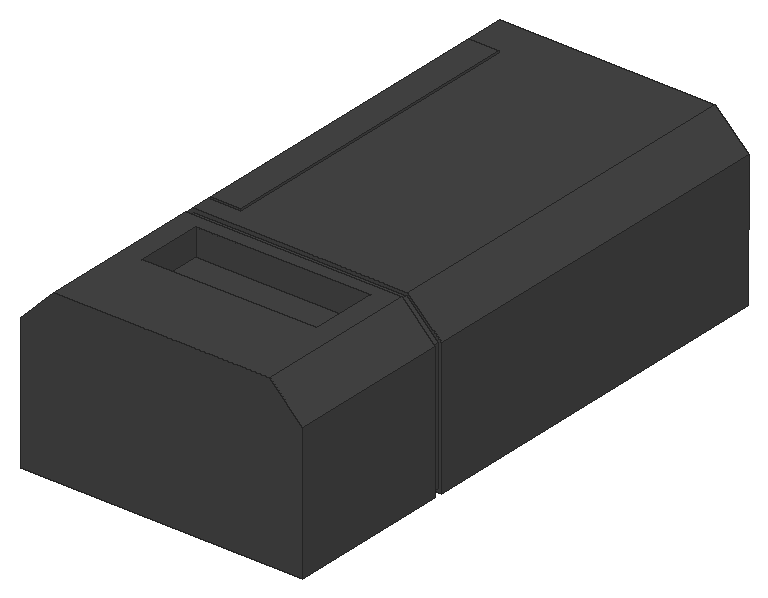
Revit family "SP4182_EUR_SDU3_Revit", category Mechanical Equipment, Revit 2014
Parameters (values of type "Standard")
  d82 = 0' - 0"
  d74 = 0' - 0"
  d70 = 0' - 0"
  d68 = 0' - 0"
  d65 = 0' - 0"
  d60 = 0' - 0"
  URL = "www.neptronic.com"
  Part Number = "SP4182_SDU3_Revit"
  Model = "SKE30 & SDU3, SKE40 & SDU3"
  Manufacturer = "Neptronic"
  Extrusion_End_2 = -d74  # 0' - 0"
  Extrusion_End_1 = -d60  # 0' - 0"
  Designer = "Antoine"
  Design Status = 1
  Description = "Electric Resistive Humidifier with Steam Distribution Unit"
  Date Created = "2014-08-06 15:51:08"
  Connector_8_Width = 0' - 0"
  Connector_8_Height = 0' - 0"
  Connector_5_Diameter = 0' - 0"
  Connector_4_Diameter = 0' - 0"
  Connector_3_Diameter = 0' - 0"
  Author = "Antoine"
Reference planes (in)
  plane 1 "Center (Front/Back)": y = 0
  plane 2: z = 0
  plane 3 "Center (Left/Right)": x = 0
  plane 4: y = -25.561
Forms (in)
  Sweep 1, solid
    path in 3D
      loop
        line (-10.5003, 2.939, 3.75715) -> (-10.5003, -25.561, 3.75715)
    profile origin (-10.5003, -25.561, 3.75715) x (0, 0, -1) y (1, 0, 0)
      loop
        line (0, 0) -> (10.00715, 0) -> (10.00715, 21.0003) -> (-0.04232, 21.0003) -> (-2.51382, 18.5288) -> (-2.51382, 2.51382) -> (0, 0)
  Extrusion 2, void
    sketch origin (-10.5003, 2.939, 3.75715) x (0, 0, 1) y (1, 0, 0)
      loop
        circle (-8.25715, 9.0003) r 0.25
      loop
        circle (-8.25715, 7.2503) r 0.375
      loop
        circle (-4.75715, 2.5003) r 0.4375
      loop
        circle (-1.75715, 2.5003) r 0.4375
    from 0 to -0.25
  Extrusion 3, solid
    sketch origin (-10.5003, 2.939, 3.75715) x (0, 0, 1) y (1, 0, 0)
      loop
        circle (-0.25715, 16.8753) r 0.375
    from 0 to 0.25
  Extrusion 4, solid
    sketch origin (-10.5003, -25.561, 3.75715) x (1, 0, 0) y (0, 0, 1)
      loop
        line (2.61738, 2.26382) -> (0.25, -0.10355) -> (0.25, -9.75715) -> (20.7503, -9.75715) -> (20.7503, -0.06123) -> (18.42524, 2.26382) -> (2.61738, 2.26382)
    from 0 to 0.625
  Extrusion 5, solid
    sketch origin (-7.88292, -26.186, 6.02097) x (-1, 0, 0) y (0, 0, -1)
      loop
        line (2.61738, 2.26382) -> (2.61738, 12.27097) -> (-18.38292, 12.27097) -> (-18.38292, 2.2215) -> (-15.91142, -0.25) -> (0.10355, -0.25) -> (2.61738, 2.26382)
    from 0 to 12.25
  Extrusion 6, void
    sketch origin (8.0285, -38.436, 6.27097) x (0, 1, 0) y (-1, 0, 0)
      loop
        line (11.25, 14.50749) -> (6.25, 14.50749) -> (6.25, 1.50749) -> (11.25, 1.50749) -> (11.25, 14.50749)
    from 0 to -2
  Extrusion 7, solid
    sketch origin (-7.98648, 2.939, 6.27097) x (0, -1, 0) y (1, 0, 0)
      loop
        line (3, 2.375) -> (3, 0.125) -> (27, 0.125) -> (27, 2.375) -> (3, 2.375)
    from 0 to 0.125
Cuts and joins
  Extrusion 2, Extrusion 6 cuts Sweep 1
  Extrusion 6 cuts Extrusion 3
  Extrusion 6 cuts Extrusion 4
  Extrusion 6 cuts Extrusion 5
  joined: Sweep 1, Extrusion 3, Extrusion 4, Extrusion 5, Extrusion 7
Lines and regions (in)
  reference lines
    curve 1: line (-10.5003, -25.561, 3.75715) -> (-10.5003, -25.561, -6.25)
    curve 2: line (-10.5003, -25.561, -6.25) -> (10.5, -25.561, -6.25)
    curve 3: line (10.5, -25.561, -6.25) -> (10.5, -25.561, 3.79947)
    curve 4: line (10.5, -25.561, 3.79947) -> (8.0285, -25.561, 6.27097)
    curve 5: line (8.0285, -25.561, 6.27097) -> (-7.98648, -25.561, 6.27097)
    curve 6: line (-7.98648, -25.561, 6.27097) -> (-10.5003, -25.561, 3.75715)
    curve 7: line (-10.5003, 2.939, 3.75715) -> (-10.5003, -25.561, 3.75715)
    curve 8: line (-10.5003, 2.939, 3.75715) -> (-10.5003, -25.561, 3.75715)
    curve 10: circle (-1.5, 2.939, -4.5) r 0.25 normal (0, 1, 0)
    curve 11: circle (-3.25, 2.939, -4.5) r 0.375 normal (0, 1, 0)
    curve 12: circle (-8, 2.939, -1) r 0.4375 normal (0, 1, 0)
    curve 13: circle (-8, 2.939, 2) r 0.4375 normal (0, 1, 0)
    curve 14: circle (6.375, 2.939, 3.5) r 0.375 normal (0, 1, 0)
    curve 15: line (-7.88292, -25.561, 6.02097) -> (7.92494, -25.561, 6.02097)
    curve 16: line (7.92494, -25.561, 6.02097) -> (10.25, -25.561, 3.69592)
    curve 17: line (10.25, -25.561, 3.69592) -> (10.25, -25.561, -6)
    curve 18: line (10.25, -25.561, -6) -> (-10.2503, -25.561, -6)
    curve 19: line (-10.2503, -25.561, -6) -> (-10.2503, -25.561, 3.6536)
    curve 20: line (-10.2503, -25.561, 3.6536) -> (-7.88292, -25.561, 6.02097)
    curve 21: line (-10.5003, -26.186, 3.75715) -> (-10.5003, -26.186, -6.25)
    curve 22: line (-10.5003, -26.186, -6.25) -> (10.5, -26.186, -6.25)
    curve 23: line (10.5, -26.186, -6.25) -> (10.5, -26.186, 3.79947)
    curve 24: line (10.5, -26.186, 3.79947) -> (8.0285, -26.186, 6.27097)
    curve 25: line (8.0285, -26.186, 6.27097) -> (-7.98648, -26.186, 6.27097)
    curve 26: line (-7.98648, -26.186, 6.27097) -> (-10.5003, -26.186, 3.75715)
    curve 27: line (-6.47899, -32.186, 6.27097) -> (-6.47899, -27.186, 6.27097)
    curve 28: line (6.52101, -32.186, 6.27097) -> (-6.47899, -32.186, 6.27097)
    curve 29: line (6.52101, -27.186, 6.27097) -> (6.52101, -32.186, 6.27097)
    curve 30: line (-6.47899, -27.186, 6.27097) -> (6.52101, -27.186, 6.27097)
    curve 31: line (-5.61148, -0.061, 6.27097) -> (-5.61148, -24.061, 6.27097)
    curve 32: line (-5.61148, -24.061, 6.27097) -> (-7.86148, -24.061, 6.27097)
    curve 33: line (-7.86148, -24.061, 6.27097) -> (-7.86148, -0.061, 6.27097)
    curve 34: line (-7.86148, -0.061, 6.27097) -> (-5.61148, -0.061, 6.27097)
  sketch lines
    curve 9: line (-10.5003, 2.939, 3.75715) -> (-10.5003, -25.561, 3.75715)
Dimensions and locks (in)
  aligned and locked: plane 2 to level
  aligned and locked: Sweep 1 sketch curve to curve 1
  aligned and locked: Sweep 1 sketch curve to curve 2
  aligned and locked: Sweep 1 sketch curve to curve 3
  aligned and locked: Sweep 1 sketch curve to curve 4
  aligned and locked: Sweep 1 sketch curve to curve 5
  aligned and locked: Sweep 1 sketch curve to curve 6
  aligned and locked: curve 9 to curve 7
  aligned and locked: Extrusion 2 sketch curve to curve 10  (x2)
  aligned and locked: Extrusion 2 sketch curve to curve 11  (x2)
  aligned and locked: Extrusion 2 sketch curve to curve 12  (x2)
  aligned and locked: Extrusion 2 sketch curve to curve 13  (x2)
  aligned and locked: Extrusion 3 sketch curve to curve 14  (x2)
  aligned and locked: Extrusion 4 sketch curve to curve 15
  aligned and locked: Extrusion 4 sketch curve to curve 16
  aligned and locked: Extrusion 4 sketch curve to curve 17
  aligned and locked: Extrusion 4 sketch curve to curve 18
  aligned and locked: Extrusion 4 sketch curve to curve 19
  aligned and locked: Extrusion 4 sketch curve to curve 20
  aligned and locked: Extrusion 5 sketch curve to curve 21
  aligned and locked: Extrusion 5 sketch curve to curve 22
  aligned and locked: Extrusion 5 sketch curve to curve 23
  aligned and locked: Extrusion 5 sketch curve to curve 24
  aligned and locked: Extrusion 5 sketch curve to curve 25
  aligned and locked: Extrusion 5 sketch curve to curve 26
  aligned and locked: Extrusion 6 sketch curve to curve 27
  aligned and locked: Extrusion 6 sketch curve to curve 28
  aligned and locked: Extrusion 6 sketch curve to curve 29
  aligned and locked: Extrusion 6 sketch curve to curve 30
  aligned and locked: Extrusion 7 sketch curve to curve 31
  aligned and locked: Extrusion 7 sketch curve to curve 32
  aligned and locked: Extrusion 7 sketch curve to curve 33
  aligned and locked: Extrusion 7 sketch curve to curve 34
Connectors (in)
  piping at (6.375, 3.189, 3.5), driven by "Connector_3_Diameter"
    settings: on cut or joined group of Sweep 1, Extrusion 2, Extrusion 3, Extrusion 4, Extrusion 5, Extrusion 6, Extrusion 7, index 1, connector diameter 0", connector inside diameter 24", connector length 0' - 0", flow factor 0, pipe flow 0 GPM, pressure drop 0.00 psi, fitting loss kfactor 0, connector angle 0.00°, fixture units 0, engagement length 0' - 0", angle of deflection 0.00°, flow configuration 1, flow direction 1, fitting loss method 0, system type 20, joint type 0, gender type 0, connector reference index -1, connector utility 0, adjustable connector no, is connector primary yes, connector description "Water inlet 3/4'' G"
  piping at (-1.5, 2.939, -4.5), driven by "Connector_4_Diameter"
    settings: on cut or joined group of Sweep 1, Extrusion 2, Extrusion 3, Extrusion 4, Extrusion 5, Extrusion 6, Extrusion 7, index 2, connector diameter 0", connector inside diameter 24", connector length 0' - 0", flow factor 0, pipe flow 0 GPM, pressure drop 0.00 psi, fitting loss kfactor 0, connector angle 0.00°, fixture units 0, engagement length 0' - 0", angle of deflection 0.00°, flow configuration 1, flow direction 2, fitting loss method 0, system type 16, joint type 0, gender type 0, connector reference index -1, connector utility 0, adjustable connector no, is connector primary no, connector description "Pan drip drain outlet 1/2''"
  piping at (-3.25, 2.939, -4.5), driven by "Connector_5_Diameter"
    settings: on cut or joined group of Sweep 1, Extrusion 2, Extrusion 3, Extrusion 4, Extrusion 5, Extrusion 6, Extrusion 7, index 3, connector diameter 0", connector inside diameter 24", connector length 0' - 0", flow factor 0, pipe flow 0 GPM, pressure drop 0.00 psi, fitting loss kfactor 0, connector angle 0.00°, fixture units 0, engagement length 0' - 0", angle of deflection 0.00°, flow configuration 1, flow direction 2, fitting loss method 0, system type 16, joint type 0, gender type 0, connector reference index -1, connector utility 0, adjustable connector no, is connector primary no, connector description "Main drain outlet 3/4''"
  electrical at (-8, 2.939, -1)
    settings: on cut or joined group of Sweep 1, Extrusion 2, Extrusion 3, Extrusion 4, Extrusion 5, Extrusion 6, Extrusion 7, index 4, voltage 0 V, apparent load 0 VA, apparent load phase1 0 VA, apparent load phase2 0 VA, apparent load phase3 0 VA, power factor 1, load classification "Other", number of poles 1, system type 13, power factor state 1, is connector primary yes, connector utility no, sub classification motor no, connector description "Low voltage control inlet (KO)"
  electrical at (-8, 2.939, 2)
    settings: on cut or joined group of Sweep 1, Extrusion 2, Extrusion 3, Extrusion 4, Extrusion 5, Extrusion 6, Extrusion 7, index 5, voltage 0 V, apparent load 0 VA, apparent load phase1 0 VA, apparent load phase2 0 VA, apparent load phase3 0 VA, power factor 0, load classification "Other", number of poles 1, system type 30, power factor state 1, is connector primary no, connector utility no, sub classification motor no, connector description "Power supply inlet (KO)"
  hvac at (0.02101, -29.686, 4.27097), driven by "Connector_8_Height", driven by "Connector_8_Width"
    settings: on cut or joined group of Sweep 1, Extrusion 2, Extrusion 3, Extrusion 4, Extrusion 5, Extrusion 6, Extrusion 7, index 6, duct flow 0 CFM, flow factor 0, pres drop 0.00 in-wg, loss coef 0, conn angle 0.00°, conn width 0", conn height 0", conn diameter 24", duct sys type 1, conn prof type 1, flow config 1, flow direction 2, loss method 0, conn ref index -1, conn util no, is conn primary yes, conn desc "Steam & Air distribution"
